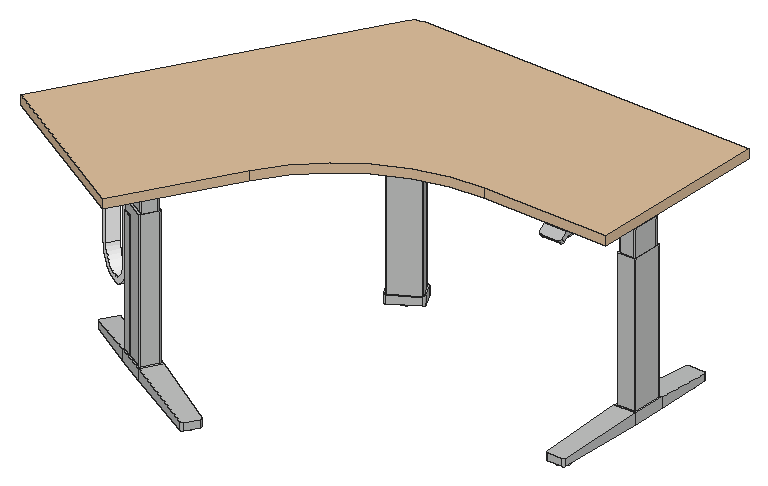
Revit family "Table-Teknion-JNTV-Navigate_Height_Adjustable_120-R2018", category Furniture, Revit 2018 (continued)
Definition of nested family "Table-Teknion-JNTV-Navigate_Height_Adjustable_120-Left2Ds-2018"
  Automatic sketch dimensions
    curve 5 to curve 4 = 0.17048"
    curve 5 to curve 6 = 0.17048"
    curve 35 to curve 43 = 0.18412"  (x2)
    curve 23 to curve 22 = 0.09843"
    curve 41 to curve 32 = 0.01401"
    curve 29 to curve 37 = 0.00174"
    curve 17 to curve 16 = 0.07874"
    curve 163 to curve 132 = 0.07897"
    curve 163 to curve 162 = 0.49985"
    curve 165 to curve 166 = 0.49985"
    curve 129 to curve 161 = 0.07897"
    curve 64 to curve 68 = 0.61086"
    curve 105 to curve 100 = 0.000"
    curve 95 to curve 90 = 0.000"
    curve 112 to curve 91 = 0.07214"
    curve 111 to curve 111 = 0.985"
    curve 104 to curve 109 = 0.000"
    curve 94 to curve 98 = 0.000"
    curve 104 to curve 109 = 0.02054"
    curve 98 to curve 94 = 0.01329"
    curve 210 to curve 98 = 0.06732"
Types (7): name | Width B | Width A | Right 2Ds | Midsupport Offset Side B | Midsupport Offset Side A | Midsupport Inner | Left 2Ds | Grommet Offset | External Powerbar Offset | Desk Edge Width | Description | Corner Profile Cut | Standard Corner Detail | S | R | Model | L | Depth | Curved Corner Detail | Actual Width B | Actual Width A | Actual Width | Actual Depth B | Actual Depth A | 29 Foot | 23 Foot
  (no name) | 43.000" | 43.000" | Table-Teknion-JNTV-Navigate_Height_Adjustable_120-Right2Ds-2018 : 23" Depth, Standard Width Configuration | 1.551" | 4.551" | 11.355" | Table-Teknion-JNTV-Navigate_Height_Adjustable_120-Left2Ds-2018 : 23" Depth, Standard - Recessed on Left | 4.814" | 6.624" | 34.891" | "Navigate Height-Adjustable Base - 120 , 23\" Depth A, 23\" Depth B, Standard - Recessed on Left Width Configuration" | 1.000" | yes | no | no | "JNTVN_2323__L_" | yes | 23.000" | no | 27.092" | 30.092" | 30.092" | 8.955" | 14.045" | no | yes
  23" Depth, Standard Width Configuration | 46.000" | 46.000" | Table-Teknion-JNTV-Navigate_Height_Adjustable_120-Right2Ds-2018 : 23" Depth, Standard Width Configuration | 4.551" | 4.551" | 11.355" | Table-Teknion-JNTV-Navigate_Height_Adjustable_120-Left2Ds-2018 : 23" Depth, Standard Width Configuration | 14.314" | 8.124" | 37.891" | "Navigate Height-Adjustable Base - 120 , 23\" Depth A, 23\" Depth B, Standard Width Configuration" | 4.000" | no | yes | no | "JNTVN_2323__S_" | no | 23.000" | yes | 33.092" | 33.092" | 33.092" | 8.955" | 14.045" | no | yes
  29" Depth, Standard Width Configuration | 49.000" | 49.000" | Table-Teknion-JNTV-Navigate_Height_Adjustable_120-Right2Ds-2018 : 29" Depth, Standard Width Configuration | 3.974" | 3.974" | 10.778" | Table-Teknion-JNTV-Navigate_Height_Adjustable_120-Left2Ds-2018 : 29" Depth, Standard Width Configuration | 7.814" | 6.335" | 40.314" | "Navigate Height-Adjustable Base - 120 , 29\" Depth A, 29\" Depth B, Standard Width Configuration" | 1.000" | yes | yes | no | "JNTVN_2929__S_" | no | 29.000" | no | 35.515" | 35.515" | 35.515" | 13.955" | 15.045" | yes | no
  23" Depth, Standard - Recessed on Left | 43.000" | 43.000" | Table-Teknion-JNTV-Navigate_Height_Adjustable_120-Right2Ds-2018 : 23" Depth, Standard Width Configuration | 1.551" | 4.551" | 11.355" | Table-Teknion-JNTV-Navigate_Height_Adjustable_120-Left2Ds-2018 : 23" Depth, Standard - Recessed on Left | 4.814" | 6.624" | 34.891" | "Navigate Height-Adjustable Base - 120 , 23\" Depth A, 23\" Depth B, Standard - Recessed on Left Width Configuration" | 1.000" | yes | no | no | "JNTVN_2323__L_" | yes | 23.000" | no | 27.092" | 30.092" | 30.092" | 8.955" | 14.045" | no | yes
  23" Depth, Standard - Recessed on Right | 43.000" | 43.000" | Table-Teknion-JNTV-Navigate_Height_Adjustable_120-Right2Ds-2018 : 23" Depth, Standard - Recessed on Right | 4.551" | 1.551" | 11.355" | Table-Teknion-JNTV-Navigate_Height_Adjustable_120-Left2Ds-2018 : 23" Depth, Standard Width Configuration | 4.814" | 4.835" | 34.891" | "Navigate Height-Adjustable Base - 120 , 23\" Depth A, 23\" Depth B, Standard - Recessed on Right Width Configuration" | 1.000" | yes | no | yes | "JNTVN_2323__R_" | no | 23.000" | no | 30.092" | 27.092" | 30.092" | 8.955" | 14.045" | no | yes
  29" Depth, Standard - Recessed on Left | 43.000" | 43.000" | Table-Teknion-JNTV-Navigate_Height_Adjustable_120-Right2Ds-2018 : 29" Depth, Standard Width Configuration | 0.974" | 3.974" | 10.778" | Table-Teknion-JNTV-Navigate_Height_Adjustable_120-Left2Ds-2018 : 29" Depth, Standard - Recessed on Left | 4.814" | 6.335" | 34.314" | "Navigate Height-Adjustable Base - 120 , 29\" Depth A, 29\" Depth B, Standard - Recessed on Left" | 1.000" | yes | no | no | "JNTVN_2929__L_" | yes | 29.000" | no | 26.515" | 29.515" | 29.515" | 13.955" | 15.045" | yes | no
  29" Depth, Standard - Recessed on Right | 43.000" | 43.000" | Table-Teknion-JNTV-Navigate_Height_Adjustable_120-Right2Ds-2018 : 29" Depth, Standard - Recessed on Right | 3.974" | 0.974" | 10.778" | Table-Teknion-JNTV-Navigate_Height_Adjustable_120-Left2Ds-2018 : 29" Depth, Standard Width Configuration | 4.814" | 5.124" | 34.314" | "Navigate Height-Adjustable Base - 120 , 29\" Depth A, 29\" Depth B, Standard - Recessed on Right" | 1.000" | yes | no | yes | "JNTVN_2929__R_" | no | 29.000" | no | 29.515" | 26.515" | 29.515" | 13.955" | 15.045" | yes | no
